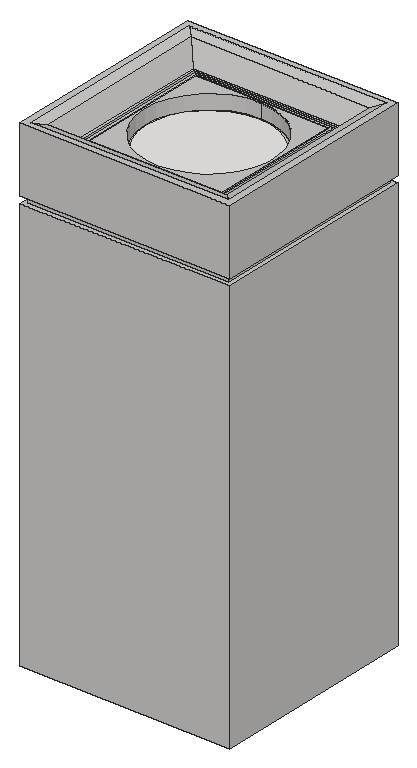
Revit family "Lighting-Luminii-Leto_44_S_LRG new", category Lighting Fixtures, host Face, Revit 2020
Family settings
  Host = Face
  Round Connector Dimension = Use Diameter
  Part Type = Normal
  OmniClass Number = 23.80.70.11.14.11
  OmniClass Title = Downlights
  Cut with Voids When Loaded = No
  Light Source = Yes
  Shared = Yes
  Room Calculation Point = No
Parameters (values of type "Leto 44 S LRG")
  Width = 0' - 3 189/256"  # constant formula
  Wattage Comments = "6.5W"
  Wattage = 6.49954 W
  Warranty URL = "https://www.luminii.com/terms-conditions/"
  built-in parameter 1150110 = 1 (stored number, unit not read)
  Voltage Comments = "120V | 277V | 347V"  # constant formula
  Voltage = 120 V
  Version = "2020 - v1.0a"  # constant formula
  URL = "https://www.luminii.com/"
  built-in parameter 1114217 = 1 (stored number, unit not read)
  Tilt Angle = -90.00°  # constant formula
  built-in parameter 1150109 = 1 (stored number, unit not read)
  built-in parameter 1150134 = (empty or 0)
  built-in parameter 1150113 = 1 (stored number, unit not read)
  Support Phone = "224-699-9545"  # constant formula
  Support Email = "mailto:support@bimsmith.com"
  Product Page URL = "https://www.luminii.com/product/leto-44-s-lrg/"
  Power Source Type = "Driver"  # constant formula
  Power Factor = 1
  Photometric Web File = "705-A90-615-35-07-00.ies"
  Phase = 1
  Operating Temperature = "Consult Manufacturer Website for more Information"  # constant formula
  Number of Poles = if(and(or(Voltage = 120 V, Voltage = 277 V), Phase = 1), 1, if(and(or(Voltage = 208 V, Voltage = 240 V), Phase = 1), 2, if(and(or(Voltage = 208 V, Voltage = 240 V), Phase = 3), 3, if(and(Voltage > 300 V, Phase = 1), 2, if(and(Voltage > 400 V, Phase = 3), 3, 1)))))  # 1
  Mounting Method = "Ceiling Mount"  # constant formula
  Model = "705"  # constant formula
  Manufacturer Phone Number = "403-216-7043"  # constant formula
  Manufacturer Email = "mailto: info@sensolighting.com"
  Manufacturer Address = "302 50 Ave SE. Calgary, Alberta, T2G 2A9 Canada"  # constant formula
  Manufacturer = "Luminii"  # constant formula
  built-in parameter 1150105 = 55.704 (stored number, unit not read)
  Lumens = 700 lm
  Luminaire Type = "Surface Mount LED Downlight"  # constant formula
  built-in parameter 1150115 = 1 (stored number, unit not read)
  Load Classification = Lighting
  built-in parameter 1150137 = (empty or 0)
  built-in parameter 1150139 = (empty or 0)
  Lens Material = Plastic - Luminii - Frosted Lens
  built-in parameter 1150112 = 1 (stored number, unit not read)
  built-in parameter 1150114 = 1 (stored number, unit not read)
  Lamp Life = 1
  Lamp = "LED"  # constant formula
  Keynote = "26 50 00"
  built-in parameter 1150132 = 2
  built-in parameter 1150102 = (empty or 0)
  built-in parameter 1150107 = 3500 (stored number, unit not read)
  Initial Color Comments = "Perfomance based on 3500K Photometric Web File"  # constant formula
  built-in parameter 1150138 = (empty or 0)
  built-in parameter 1150106 = 0.55704 (stored number, unit not read)
  Housing Protection Rating = "Consult Manufacturer Website for more Information"  # constant formula
  Height = 0' - 8 169/256"  # constant formula
  Has Dimming = 1 = 1  # yes
  Has Battery Backup = 0 = 1  # no
  Frequency Comments = ""  # constant formula
  Frequency = 60 Hz
  Finish = Metal - Luminii - Silver Anodized Aluminum
  Environment = "Indoor"  # constant formula
  built-in parameter 1150104 = 10.006 (stored number, unit not read)
  Dimming Type = "Consult Manufacturer Website for more Information"  # constant formula
  Dimming Lamp Color Temperature Shift = <None>
  Description = "Surface Mount LED Downlight"  # constant formula
  Depth = 0' - 3 189/256"  # constant formula
  Default Elevation = 0' - 0"  # constant formula
  Current Amps = 50 A
  Copyright = "©2024 Luminii"  # constant formula
  Control Zone = "Consult Manufacturer Website for more Information"  # constant formula
  Control Type = "Consult Manufacturer Website for more Information"  # constant formula
  Constraints = 1  # constant formula
  Color Filter = 16777215
  built-in parameter 1114216 [instance] = 0  # (empty or 0)
  Canopy Finish = Metal - Luminii - Silver Anodized Aluminum
  built-in parameter 1140040 [instance] = 1 = 1  # 1
  CCT = "3500K"
  built-in parameter 1114218 = 1 (stored number, unit not read)
  built-in parameter 1150133 = 10 (stored number, unit not read)
  Assembly Code = "D5020200"
  Apparent Load = Wattage / Power Factor  # 6.49954 VA
Reference planes (in)
  plane 1 "Center (Front/Back)": y = 0
  plane 2: z = 0
  plane 3 "Center (Left/Right)": x = 0
  plane 4: x = 0
  plane 5: x = 0
  plane 6: y = 1.86914
  plane 7: y = -1.86914
  plane 8 "A": z = 0
  plane 9: z = 8.66016
Forms (in)
  Extrusion 1, solid, material "Metal - Luminii - Silver Anodized Aluminum", not visible
    sketch origin (0, 0, 0) x (1, 0, 0) y (0, 1, 0)
      loop
        circle (0, 0) r 0.5
    from 0 to -0.17225
Dimensions and locks (in)
  equal spacing: plane 4, plane 3 "Center (Left/Right)", plane 5
  equal spacing: plane 6, plane 1 "Center (Front/Back)", plane 7
  plane 4 to plane 5 = 0' - 0"
  "Width": plane 6 to plane 7
  "Height": plane 9 to plane 8 "A"
  locked: plane 9 to imposter light at 0.57739
  aligned and locked: plane 2 to host face
  aligned and locked: plane 3 "Center (Left/Right)" to Extrusion 1 sketch curve
  aligned and locked: plane 1 "Center (Front/Back)" to Extrusion 1 sketch curve
  aligned and locked: plane 2 to Extrusion 1  (x2)
  aligned and locked: imposter light to plane 3 "Center (Left/Right)"
  aligned and locked: imposter light to plane 1 "Center (Front/Back)"
  aligned and locked: plane 3 "Center (Left/Right)" to nested 1
  aligned and locked: plane 1 "Center (Front/Back)" to nested 1
Automatic sketch dimensions
  host sketch curve to host sketch curve = 8' - 0"  (x2)
  radius of Extrusion 1 sketch curve = 0' - 0 1/2"
Nested families (in)
  nested 1: "Nested - Lamp" at (0, 0, 0), type "Nested - Lamp"
Connectors (in)
  electrical at (0, 0, 0), driven by "Number of Poles", driven by "Load Classification", driven by "Voltage", driven by "Apparent Load", driven by "Power Factor"
    settings: on Extrusion 1, index 1, voltage 120 V, apparent load 6.49954 VA, apparent load phase1 0 VA, apparent load phase2 0 VA, apparent load phase3 0 VA, power factor 1, load classification "Lighting", number of poles 1, system type 30, power factor state 1, is connector primary yes, connector utility no, sub classification motor no, connector description "Power Connection"
Definition of nested family "Nested - Lamp"
  Parameters (values of type "Nested - Lamp")
    Width = 0' - 3.74016"  # constant formula
    Screen Material = none
    Inner Screen = none
    Height = 0' - 6.49606"  # constant formula
    Finish = none
    Default Elevation = 4' - 0"
    Constraint = 3
  Reference planes (in)
    plane 1 "Center (Front/Back)": y = 0
    plane 2: z = 0
    plane 3 "Center (Left/Right)": x = 0
    plane 4: y = 1.87008
    plane 5: y = -1.87008
    plane 6: x = -1.87008
    plane 7: x = 1.87008
  Forms (in)
    Extrusion 1, solid
      sketch origin (0, 0, 0) x (1, 0, 0) y (0, 1, 0)
        loop
          line (-48, 48) -> (-48, -48) -> (48, -48) -> (48, 48) -> (-48, 48)
      from 0 to -12
    Sweep 2, solid, material <- "Finish", detail levels medium+fine
      path origin (-0.03362, 1.25, 6.49606) x (0, 1, 0) y (-1, 0, 0)
        loop
          line (0.62008, -1.9037) -> (0.62008, 1.83645) -> (-3.12008, 1.83645) -> (-3.12008, -1.9037) -> (0.62008, -1.9037)
      profile origin (1.87008, 0, 6.49606) x (1, 0, 0) y (0, 0, 1)
        loop
          line (0, -6.49606) -> (0, 0.88583) -> (-0.07874, 0.88583) -> (-0.07874, 1.00394) -> (0, 1.00394) -> (0, 2.16535) -> (-0.10635, 2.16535) -> (-0.27543, 2.11469) -> (-0.47227, 1.77165) -> (-0.53051, 1.77165) -> (-0.54899, 1.56046)
          arc (-0.54899, 1.56046) -> (-0.57675, 1.53916) -> (-0.60039, 1.56496) r 0.0259
          line (-0.60039, 1.56496) -> (-0.63719, 1.82677) -> (-0.68091, 1.82677) -> (-0.72263, 1.81076) -> (-0.72263, 1.37029) -> (-0.21654, 1.37029) -> (-0.21654, -6.29921) -> (-0.07874, -6.29921) -> (-0.07874, -6.49606) -> (0, -6.49606)
    Extrusion 3, solid, material <- "Screen Material"
      sketch origin (0, 0, 7.9252) x (1, 0, 0) y (0, 1, 0)
        loop
          circle (0, 0) r 1.10584
      from 0.14567 to 0.15757
    Extrusion 4, solid, material <- "Finish"
      sketch origin (1.59205, 1.59205, 8.55315) x (0, -1, 0) y (1, 0, 0)
        loop
          circle (1.59205, -1.59205) r 1.14745
        loop
          line (2.78122, -2.78122) -> (2.78122, -0.40289) -> (0.40289, -0.40289) -> (0.40289, -2.78122) -> (2.78122, -2.78122)
      from -0.48228 to -0.23031
    Extrusion 5, solid, material <- "Finish"
      sketch origin (1.59205, 1.59205, 8.55315) x (0, -1, 0) y (1, 0, 0)
        loop
          circle (1.59205, -1.59205) r 1.14745
      from -0.48228 to -0.62795
    Extrusion 6, solid, material <- "Finish"
      sketch origin (-0.03362, 1.25, 8.28705) x (0, 1, 0) y (-1, 0, 0)
        loop
          line (-3.06102, -1.84465) -> (0.56102, -1.84465) -> (0.56102, 1.7774) -> (-3.06102, 1.7774) -> (-3.06102, -1.84465)
        loop
          line (-2.4311, -0.30922) -> (-1.84055, -0.30922)
          arc (-1.84055, -0.30922) -> (-1.61784, -0.40147) -> (-1.52559, -0.62418) r 0.31496
          line (-1.52559, -0.62418) -> (-1.52559, -1.21473)
          arc (-1.52559, -1.21473) -> (-1.25, -1.49032) -> (-0.97441, -1.21473) r 0.27559
          line (-0.97441, -1.21473) -> (-0.97441, -0.62418)
          arc (-0.97441, -0.62418) -> (-0.88216, -0.40147) -> (-0.65945, -0.30922) r 0.31496
          line (-0.65945, -0.30922) -> (-0.0689, -0.30922)
          arc (-0.0689, -0.30922) -> (0.20669, -0.03362) -> (-0.0689, 0.24197) r 0.27559
          line (-0.0689, 0.24197) -> (-0.65945, 0.24197)
          arc (-0.65945, 0.24197) -> (-0.88216, 0.33422) -> (-0.97441, 0.55693) r 0.31496
          line (-0.97441, 0.55693) -> (-0.97441, 1.14748)
          arc (-0.97441, 1.14748) -> (-1.25, 1.42307) -> (-1.52559, 1.14748) r 0.27559
          line (-1.52559, 1.14748) -> (-1.52559, 0.55693)
          arc (-1.52559, 0.55693) -> (-1.61784, 0.33422) -> (-1.84055, 0.24197) r 0.31496
          line (-1.84055, 0.24197) -> (-2.4311, 0.24197)
          arc (-2.4311, 0.24197) -> (-2.70669, -0.03362) -> (-2.4311, -0.30922) r 0.27559
      from -8.1649 to -8.0902
    Extrusion 7, solid, material <- "Finish"
      sketch origin (-0.03362, 1.25, 8.28705) x (0, 1, 0) y (-1, 0, 0)
        loop
          line (-3.06102, -1.84465) -> (0.56102, -1.84465) -> (0.56102, 1.7774) -> (-3.06102, 1.7774) -> (-3.06102, -1.84465)
        loop
          arc (-0.48507, -0.44078) -> (-0.38346, -0.03362) -> (-0.48507, 0.37353) r 0.86654
          arc (-0.48507, 0.37353) -> (-0.58858, 0.40015) -> (-0.62431, 0.29942) r 0.07918
          arc (-0.62431, 0.29942) -> (-0.5412, -0.03362) -> (-0.62431, -0.36667) r 0.7088
          arc (-0.62431, -0.36667) -> (-0.58858, -0.4674) -> (-0.48507, -0.44078) r 0.07918
        loop
          arc (-2.01493, -0.44078) -> (-1.91142, -0.4674) -> (-1.87569, -0.36667) r 0.07918
          arc (-1.87569, -0.36667) -> (-1.9588, -0.03362) -> (-1.87569, 0.29942) r 0.7088
          arc (-1.87569, 0.29942) -> (-1.91142, 0.40015) -> (-2.01493, 0.37353) r 0.07918
          arc (-2.01493, 0.37353) -> (-2.11654, -0.03362) -> (-2.01493, -0.44078) r 0.86654
        loop
          arc (-1.65716, 0.73131) -> (-1.68378, 0.62779) -> (-1.58304, 0.59206) r 0.07918
          arc (-1.58304, 0.59206) -> (-1.25, 0.67518) -> (-0.91696, 0.59206) r 0.7088
          arc (-0.91696, 0.59206) -> (-0.81622, 0.62779) -> (-0.84284, 0.73131) r 0.07918
          arc (-0.84284, 0.73131) -> (-1.25, 0.83292) -> (-1.65716, 0.73131) r 0.86654
        loop
          arc (-1.65716, -0.79856) -> (-1.25, -0.90017) -> (-0.84284, -0.79856) r 0.86654
          arc (-0.84284, -0.79856) -> (-0.81622, -0.69504) -> (-0.91696, -0.65931) r 0.07918
          arc (-0.91696, -0.65931) -> (-1.25, -0.74243) -> (-1.58304, -0.65931) r 0.7088
          arc (-1.58304, -0.65931) -> (-1.68378, -0.69504) -> (-1.65716, -0.79856) r 0.07918
      from -7.77524 to -7.71544
    Sweep 8, solid, material <- "Finish", detail levels coarse
      path origin (-0.03362, 1.25, 6.49606) x (0, 1, 0) y (-1, 0, 0)
        loop
          line (0.62008, -1.9037) -> (0.62008, 1.83645) -> (-3.12008, 1.83645) -> (-3.12008, -1.9037) -> (0.62008, -1.9037)
      profile origin (1.87008, 0, 6.49606) x (1, 0, 0) y (0, 0, 1)
        loop
          line (0, -6.49606) -> (0, 2.16535) -> (-0.10635, 2.16535) -> (-0.68091, 1.99317) -> (-0.68091, 1.37029) -> (-0.21654, 1.37029) -> (-0.21654, -6.29921) -> (-0.07874, -6.29921) -> (-0.07874, -6.49606) -> (0, -6.49606)
    Extrusion 9, solid
      sketch origin (-0.03362, 1.25, 0.51181) x (-1, 0, 0) y (0, 1, 0)
        loop
          circle (-0.03362, -0.0689) r 0.23
      from 0 to 0.05
  Lines and regions (in)
    reference lines
      curve 1: line (0, -0.25, 8.19685) -> (0, 0.25, 8.19685)
  Dimensions and locks (in)
    equal spacing: plane 4, plane 1 "Center (Front/Back)", plane 5
    "Width": plane 4 to plane 5
    equal spacing: plane 6, plane 3 "Center (Left/Right)", plane 7
    "Width": plane 6 to plane 7
    aligned and locked: plane 2 to Extrusion 1
    aligned and locked: level to Extrusion 1
    aligned and locked: Sweep 2 sketch curve to plane 7
    aligned and locked: plane 6 to Sweep 2 sketch curve
    aligned and locked: Sweep 2 sketch curve to plane 4
    aligned and locked: plane 5 to Sweep 2 sketch curve
  Automatic sketch dimensions
    Extrusion 1 sketch curve to Extrusion 1 sketch curve = 8' - 0"  (x2)
    profile plane to Sweep 2 sketch curve = 0' - 0"  (x2)
    Sweep 2 sketch curve to Sweep 2 sketch curve = 0' - 0.07874"  (x2)
    profile plane to Sweep 2 sketch curve = 0' - 0.21654"
    profile plane to Sweep 2 sketch curve = 0' - 0.27543"
    Sweep 2 sketch curve to Sweep 2 sketch curve = 0' - 0.19684"
    Sweep 2 sketch curve to Sweep 2 sketch curve = 0' - 0.05825"
    Sweep 2 sketch curve to Sweep 2 sketch curve = 0' - 0.01848"
    Sweep 2 sketch curve to Sweep 2 sketch curve = 0' - 0.0255"
    Sweep 2 sketch curve to Sweep 2 sketch curve = 0' - 0.0259"
    Sweep 2 sketch curve to Sweep 2 sketch curve = 0' - 0.10667"
    Sweep 2 sketch curve to Sweep 2 sketch curve = 0' - 0.04373"
    Sweep 2 sketch curve to Sweep 2 sketch curve = 0' - 0.12224"
    Sweep 2 sketch curve to profile plane = 0' - 6.49606"
    Sweep 2 sketch curve to Sweep 2 sketch curve = 0' - 0.19685"
    profile plane to Sweep 2 sketch curve = 0' - 0.88583"
    Sweep 2 sketch curve to Sweep 2 sketch curve = 0' - 0.11811"
    Sweep 2 sketch curve to Sweep 2 sketch curve = 0' - 0.36636"
    Sweep 2 sketch curve to Sweep 2 sketch curve = 0' - 0.19017"
    Sweep 2 sketch curve to Sweep 2 sketch curve = 0' - 0.21119"
    Sweep 2 sketch curve to Sweep 2 sketch curve = 0' - 0.0391"
    Sweep 2 sketch curve to Sweep 2 sketch curve = 0' - 0.01601"
    Sweep 2 sketch curve to Sweep 2 sketch curve = 0' - 0.34303"
    Sweep 2 sketch curve to Sweep 2 sketch curve = 0' - 0.05067"
    Sweep 2 sketch curve to Sweep 2 sketch curve = 0' - 0.10635"
    Extrusion 6 sketch curve to plane 3 "Center (Left/Right)" = 0' - 0"  (x2)
    plane 1 "Center (Front/Back)" to Extrusion 6 sketch curve = 0' - 0"  (x2)
    plane 1 "Center (Front/Back)" to Extrusion 6 sketch curve = 0' - 0.27559"  (x2)
    Extrusion 6 sketch curve to Extrusion 6 sketch curve = 0' - 0.31496"  (x4)
    plane 3 "Center (Left/Right)" to Extrusion 6 sketch curve = 0' - 0.27559"
    Extrusion 6 sketch curve to Extrusion 6 sketch curve = 0' - 0.59055"  (x4)
    Extrusion 6 sketch curve to plane 5 = 0' - 0.05906"
    Extrusion 6 sketch curve to plane 3 "Center (Left/Right)" = 0' - 0.27559"
    Extrusion 6 sketch curve to plane 4 = 0' - 0.05906"
    Extrusion 6 sketch curve to plane 7 = 0' - 0.05906"
    Extrusion 6 sketch curve to plane 6 = 0' - 0.05906"
    Extrusion 7 sketch curve to Extrusion 7 sketch curve = 0' - 0"  (x58)
    plane 1 "Center (Front/Back)" to Extrusion 7 sketch curve = 0' - 0"
    Extrusion 7 sketch curve to plane 3 "Center (Left/Right)" = 0' - 0"
    plane 1 "Center (Front/Back)" to Extrusion 7 sketch curve = 0' - 0.36388"  (x2)
    Extrusion 7 sketch curve to Extrusion 7 sketch curve = 0' - 0.33475"  (x8)
    Extrusion 7 sketch curve to plane 5 = 0' - 0.05906"
    Extrusion 7 sketch curve to plane 1 "Center (Front/Back)" = 0' - 0.36388"  (x2)
    plane 3 "Center (Left/Right)" to Extrusion 7 sketch curve = 0' - 0.36388"  (x2)
    Extrusion 7 sketch curve to plane 4 = 0' - 0.05906"
    Extrusion 7 sketch curve to plane 7 = 0' - 0.05906"
    Extrusion 7 sketch curve to plane 3 "Center (Left/Right)" = 0' - 0.36388"  (x2)
    Extrusion 7 sketch curve to plane 6 = 0' - 0.05906"
    Extrusion 7 sketch curve to Extrusion 7 sketch curve = 0' - 0.03084"  (x4)
    Extrusion 7 sketch curve to Extrusion 7 sketch curve = 0' - 0.04328"  (x4)
    Extrusion 7 sketch curve to Extrusion 7 sketch curve = 0' - 0.07293"  (x6)
    Extrusion 7 sketch curve to Extrusion 7 sketch curve = 0' - 0.06631"  (x2)
    plane 5 to Sweep 8 sketch curve = 0' - 0"
    Sweep 8 sketch curve to plane 4 = 0' - 0"
    Sweep 8 sketch curve to plane 7 = 0' - 0"
    Sweep 8 sketch curve to plane 6 = 0' - 0"
    profile plane to Sweep 8 sketch curve = 0' - 0"
    profile plane to Sweep 8 sketch curve = 0' - 0.07874"
    Sweep 8 sketch curve to Sweep 8 sketch curve = 0' - 0.1378"
    profile plane to Sweep 8 sketch curve = 0' - 0.68091"
    Sweep 8 sketch curve to profile plane = 0' - 6.49606"
    Sweep 8 sketch curve to Sweep 8 sketch curve = 0' - 0.19685"
    profile plane to Sweep 8 sketch curve = 0' - 1.37029"
    Sweep 8 sketch curve to Sweep 8 sketch curve = 0' - 0.62288"
    Sweep 8 sketch curve to Sweep 8 sketch curve = 0' - 0.17218"
    Sweep 8 sketch curve to Sweep 8 sketch curve = 0' - 0.10635"
    Extrusion 7 to Extrusion 9 sketch curve = 0' - 0.62992"
    Extrusion 7 to Extrusion 9 sketch curve = 0' - 1.81102"
    curve 1 to plane 4 = 0' - 2.12008"
    curve 1 to plane 4 = 0' - 1.62008"
    level to curve 1 = 0' - 8.19685"
    plane 1 "Center (Front/Back)" to Extrusion 3 sketch curve = 0' - 0"
    Extrusion 3 sketch curve to plane 3 "Center (Left/Right)" = 0' - 0"
    plane 1 "Center (Front/Back)" to Extrusion 4 sketch curve = 0' - 0"
    Extrusion 4 sketch curve to plane 3 "Center (Left/Right)" = 0' - 0"
    Extrusion 4 sketch curve to plane 4 = 0' - 0.68091"
    Extrusion 4 sketch curve to plane 5 = 0' - 0.68091"
    Extrusion 4 sketch curve to plane 6 = 0' - 0.68091"
    Extrusion 4 sketch curve to plane 7 = 0' - 0.68091"
    plane 1 "Center (Front/Back)" to Extrusion 5 sketch curve = 0' - 0"
    Extrusion 5 sketch curve to plane 3 "Center (Left/Right)" = 0' - 0"
    radius of Extrusion 9 sketch curve = 0' - 0.23"
    radius of Extrusion 3 sketch curve = 0' - 1.10584"
    radius of Extrusion 4 sketch curve = 0' - 1.14745"
    radius of Extrusion 5 sketch curve = 0' - 1.14745"
